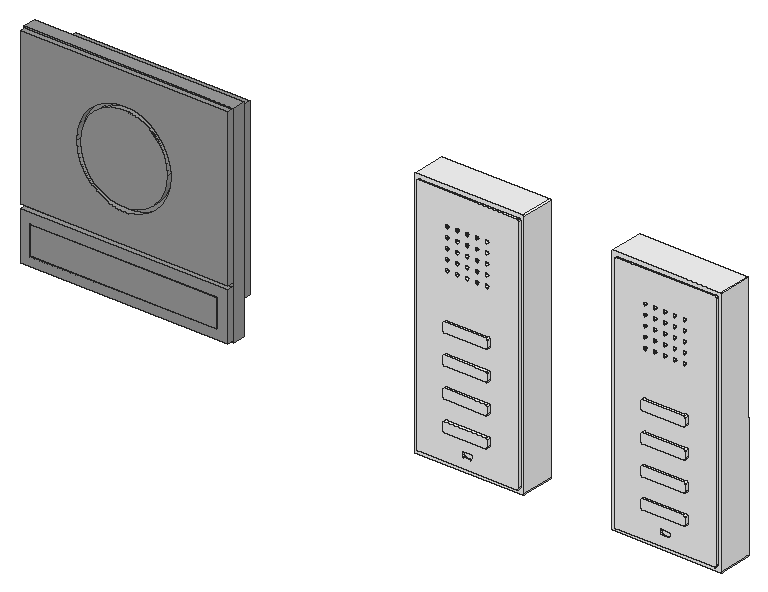
Revit family "Gira_049544", category Elektroinstallationen, Revit 2017
Family settings
  Basisbauteil = Wand
  Beschriftungsausrichtung beibehalten = Nein
  Bemaßung runder Anschluss = Durchmesser verwenden
  Teiletyp = Normal
  OmniClass-Nummer = 23.80.00.00
  OmniClass-Titel = Electric Power and Lighting
  Immer vertikal = Ja
  Beim Laden mit Abzugskörper schneiden = Nein
  Gemeinsam genutzt = Nein
  Raumberechnungspunkt = Nein
Parameters
  With video = no
  With info label = yes
  URL = "https://www.gira.de/"
  Typname = "TFH pkg audio Door communication c.alum."
  Productwebsite = "http://katalog.gira.de/en/datenblatt.html?artikelnr=049544"
  Number of outdoor stations = 1
  Number of indoor stations = 2
  Installation technique = "Bus system"
  Hersteller = "Gira"
  HAN = "049544"
  GTIN = "4010337495444"
  Data sheet = "https://katalog.gira.de/en/download.html?artikelnr=049544"
  Colour outdoor station = "Other"
  Colour indoor station = "White"
  Beschreibung = "TFH pack.audio Door CAl,Two-family house audio package,,,"
  BIM = "https://media.stage.bim.site/public/gira/ad86d9f/ZFH-Paket%20Audio.rfa?public/gira/ad86d9f/ZFH-Paket Audio.rfa"
Reference planes
  plane 1: y = 0
  plane 2 "Mitte (Links/Rechts)": x = 125
  plane 3 "Hinten": y = 75
Text (mm)
  text "Platzierungsseite" at (-1867.185, 1116.779, 0), in view "Referenzebene"
  text "Platzierungsseite" at (0, 1270.507, 3001.832), in view "Links"
  text "Platzierungsseite" at (0, 530.812, 2999.686), in view "Rechts"
Dimensions and locks
  locked: plane 3 "Hinten" to host wall
  aligned and locked: plane 1 to host wall
Nested families
  nested 1: "Türstation AP 3f" at (25, -75, 1219.2) x (1, 0, 0) z (0, -1, 0), type "Türstation AP 3f"
    with Edelstahl Edelstahl
  nested 2: "Wohnungsstation" at (205, -75, 1219.2) x (1, 0, 0) z (0, -1, 0), type "Wohnungsstation"
  nested 3: "Wohnungsstation" at (305, -75, 1219.2) x (1, 0, 0) z (0, -1, 0), type "Wohnungsstation"
Definition of nested family "Türstation AP 3f"
  Parameters
    Model = "5531920"
    Edelstahl [instance] = none
    Default Elevation = 1219.2 mm
  Reference planes
    plane 1 "Center (Front/Back)": y = 0
    plane 2 "Reference Level 0": z = 0
    plane 3 "Center (Left/Right)": x = 0
  Forms (mm)
    Extrusion 1, solid
      sketch origin (0, 0, 0) x (1, 0, 0) y (0, 1, 0)
        loop
          line (-1219.2, 1219.2) -> (-1219.2, -1219.2) -> (1219.2, -1219.2) -> (1219.2, 1219.2) -> (-1219.2, 1219.2)
      from 0 to -304.8
    Extrusion 2, solid, material <- "Edelstahl", detail levels coarse
      sketch origin (0, 0, 0) x (1, 0, 0) y (0, 1, 0)
        loop
          line (-53, 53) -> (-53, -53) -> (53, -53) -> (53, 53) -> (-53, 53)
      from -14.7 to 9.5
    Extrusion 3, solid, material <- "Edelstahl", detail levels fine
      sketch origin (0, 0, 0) x (1, 0, 0) y (0, 1, 0)
        loop
          line (52.5, -28) -> (-52.5, -28) -> (-52.5, -52.5) -> (52.5, -52.5) -> (52.5, -28)
        loop
          line (-47.5, -48) -> (47.5, -48) -> (47.5, -33) -> (-47.5, -33) -> (-47.5, -48)
      from 6.5 to 9.5
    Extrusion 4, solid, material <- "Edelstahl", detail levels fine
      sketch origin (0, 0, 0) x (1, 0, 0) y (0, 1, 0)
        loop
          line (-52.5, 52.5) -> (-52.5, -26) -> (52.5, -26) -> (52.5, 52.5) -> (-52.5, 52.5)
        loop
          circle (0, 13) r 24
      from 6.5 to 9.5
    Extrusion 5, solid, material <- "Edelstahl", detail levels medium+fine
      sketch origin (0, 0, 0) x (1, 0, 0) y (0, 1, 0)
        loop
          line (-53, 53) -> (-53, -53) -> (53, -53) -> (53, 53) -> (-53, 53)
      from 0 to 6.5
    Extrusion 6, solid, material <- "Edelstahl", detail levels fine
      sketch origin (0, 0, 0) x (1, 0, 0) y (0, 1, 0)
        loop
          line (-44, 44) -> (-44, -44) -> (44, -44) -> (44, 44) -> (-44, 44)
      from -14.7 to 0
    Extrusion 7, solid, material <- "Edelstahl", detail levels fine
      sketch origin (0, 0, 0) x (1, 0, 0) y (0, 1, 0)
        loop
          circle (0, 13) r 22
      from 6.5 to 9.5
    Extrusion 8, solid, material <- "Edelstahl", detail levels fine
      sketch origin (0, 0, 0) x (1, 0, 0) y (0, 1, 0)
        loop
          line (-47, -33.5) -> (-47, -47.5) -> (47, -47.5) -> (47, -33.5) -> (-47, -33.5)
      from 6.5 to 9.5
    Extrusion 9, solid, material <- "Edelstahl", detail levels medium
      sketch origin (0, 0, 0) x (1, 0, 0) y (0, 1, 0)
        loop
          line (-52.5, 52.5) -> (-52.5, -26) -> (52.5, -26) -> (52.5, 52.5) -> (-52.5, 52.5)
        loop
          line (-52.5, -28) -> (-52.5, -52.5) -> (52.5, -52.5) -> (52.5, -28) -> (-52.5, -28)
      from 6.5 to 9.5
    Extrusion 10, solid, material <- "Edelstahl", detail levels medium
      sketch origin (0, 0, 0) x (1, 0, 0) y (0, 1, 0)
        loop
          circle (0, 13) r 24
        loop
          line (-47.5, -33) -> (-47.5, -48) -> (47.5, -48) -> (47.5, -33) -> (-47.5, -33)
      from 6.5 to 9.5
  Dimensions and locks
    aligned and locked: plane 2 "Reference Level 0" to Extrusion 1
    aligned and locked: level to Extrusion 1
    aligned and locked: Extrusion 5 to Extrusion 1
    aligned and locked: Extrusion 5 to level
    aligned and locked: level to Extrusion 6
    aligned and locked: level to Extrusion 5
    aligned and locked: Extrusion 5 to plane 2 "Reference Level 0"
    aligned and locked: plane 2 "Reference Level 0" to Extrusion 6
    aligned and locked: plane 3 "Center (Left/Right)" to nested 1
  Nested families
    nested 1: "1040099" at (-20.545, -53, 0), type "1040099"
  Connectors
    electrical at (0, 0, -14.7)
      settings: on Extrusion 6, index 1, voltage 220 V, apparent load 0 VA, apparent load phase1 0 VA, apparent load phase2 0 VA, apparent load phase3 0 VA, power factor 1, load classification none, number of poles 1, system type 31, power factor state 1, is connector primary yes, connector utility no, sub classification motor no, connector description ""
  Definition of nested family "1040099"
    Reference planes
      plane 1: y = 0
      plane 2: x = 0
Definition of nested family "Wohnungsstation"
  Parameters
    Default Elevation = 1219.2 mm
  Reference planes
    plane 1 "Center (Front/Back)": y = 0
    plane 2: z = 0
    plane 3 "Center (Left/Right)": x = 0
  Forms (mm)
    Extrusion 1, solid
      sketch origin (0, 0, 0) x (1, 0, 0) y (0, 1, 0)
        loop
          line (-1219.2, 1219.2) -> (-1219.2, -1219.2) -> (1219.2, -1219.2) -> (1219.2, 1219.2) -> (-1219.2, 1219.2)
      from 0 to -304.8
    Extrusion 2, solid, detail levels fine
      sketch origin (0, 0, 0) x (1, 0, 0) y (0, 1, 0)
        loop
          spline (-27.285, 63.381) -> (-27.351, 63.377) -> (-27.415, 63.364) -> (-27.476, 63.343) -> (-27.535, 63.314) -> (-27.589, 63.278) -> (-27.638, 63.235) -> (-27.682, 63.186) -> (-27.718, 63.131) -> (-27.747, 63.073) -> (-27.768, 63.011) -> (-27.78, 62.947) -> (-27.785, 62.882)
          line (-27.785, 62.882) -> (-27.785, -62.882)
          spline (-27.785, -62.882) -> (-27.781, -62.94) -> (-27.771, -62.997) -> (-27.754, -63.053) -> (-27.731, -63.107) -> (-27.702, -63.157) -> (-27.667, -63.204) -> (-27.627, -63.246) -> (-27.582, -63.283) -> (-27.534, -63.315) -> (-27.482, -63.341) -> (-27.427, -63.361) -> (-27.37, -63.374)
          line (-27.37, -63.374) -> (27.193, -63.374)
          spline (27.193, -63.374) -> (27.265, -63.381) -> (27.338, -63.377) -> (27.409, -63.364) -> (27.477, -63.34) -> (27.541, -63.306) -> (27.6, -63.264) -> (27.652, -63.213) -> (27.696, -63.156) -> (27.731, -63.092) -> (27.757, -63.025) -> (27.772, -62.954) -> (27.777, -62.882)
          line (27.777, -62.882) -> (27.777, 62.882)
          spline (27.777, 62.882) -> (27.773, 62.947) -> (27.76, 63.011) -> (27.739, 63.073) -> (27.711, 63.131) -> (27.674, 63.186) -> (27.631, 63.235) -> (27.582, 63.278) -> (27.528, 63.314) -> (27.469, 63.343) -> (27.407, 63.364) -> (27.343, 63.377) -> (27.278, 63.381)
          line (27.278, 63.381) -> (-27.285, 63.381)
      from 0 to 16.5
    Extrusion 3, solid, detail levels fine
      sketch origin (0, 0, 0) x (1, 0, 0) y (0, 1, 0)
        loop
          arc (-24.804, 61.4) -> (-25.511, 61.107) -> (-25.804, 60.4) r 1
          line (-25.804, 60.4) -> (-25.804, -60.4)
          arc (-25.804, -60.4) -> (-25.511, -61.107) -> (-24.804, -61.4) r 1
          line (-24.804, -61.4) -> (24.796, -61.4)
          arc (24.796, -61.4) -> (25.503, -61.107) -> (25.796, -60.4) r 1
          line (25.796, -60.4) -> (25.796, 60.4)
          arc (25.796, 60.4) -> (25.503, 61.107) -> (24.796, 61.4) r 1
          line (24.796, 61.4) -> (-24.804, 61.4)
        loop
          circle (-10.004, 45.55) r 0.94
        loop
          circle (-5.004, 45.55) r 0.94
        loop
          circle (-0.004, 45.55) r 0.94
        loop
          circle (4.996, 45.55) r 0.94
        loop
          circle (9.996, 45.55) r 0.94
        loop
          circle (-10.004, 40.55) r 0.94
        loop
          circle (-5.004, 40.55) r 0.94
        loop
          circle (-0.004, 40.55) r 0.94
        loop
          circle (4.996, 40.55) r 0.94
        loop
          circle (9.996, 40.55) r 0.94
        loop
          circle (9.996, 35.55) r 0.94
        loop
          circle (4.996, 35.55) r 0.94
        loop
          circle (-0.004, 35.55) r 0.94
        loop
          circle (-5.004, 35.55) r 0.94
        loop
          circle (-10.004, 35.55) r 0.94
        loop
          circle (-10.004, 30.55) r 0.94
        loop
          circle (-5.004, 30.55) r 0.94
        loop
          circle (-0.004, 30.55) r 0.94
        loop
          circle (4.996, 30.55) r 0.94
        loop
          circle (9.996, 30.55) r 0.94
        loop
          circle (9.996, 25.55) r 0.94
        loop
          circle (4.996, 25.55) r 0.94
        loop
          circle (-0.004, 25.55) r 0.94
        loop
          circle (-5.004, 25.55) r 0.94
        loop
          circle (-10.004, 25.55) r 0.94
        loop
          line (2.57, -55.275) -> (2.57, -54.377)
          spline (2.57, -54.377) -> (2.562, -54.246) -> (2.536, -54.118) -> (2.494, -53.994) -> (2.437, -53.877) -> (2.364, -53.769) -> (2.278, -53.67) -> (2.18, -53.584) -> (2.071, -53.512) -> (1.954, -53.454) -> (1.83, -53.412) -> (1.702, -53.387) -> (1.572, -53.378)
          line (1.572, -53.378) -> (-1.579, -53.378)
          spline (-1.579, -53.378) -> (-1.709, -53.387) -> (-1.838, -53.412) -> (-1.961, -53.454) -> (-2.079, -53.512) -> (-2.187, -53.584) -> (-2.285, -53.67) -> (-2.371, -53.769) -> (-2.444, -53.877) -> (-2.502, -53.994) -> (-2.544, -54.118) -> (-2.569, -54.246) -> (-2.578, -54.377)
          line (-2.578, -54.377) -> (-2.578, -55.275)
          spline (-2.578, -55.275) -> (-2.569, -55.406) -> (-2.544, -55.534) -> (-2.502, -55.658) -> (-2.444, -55.775) -> (-2.371, -55.884) -> (-2.285, -55.982) -> (-2.187, -56.068) -> (-2.079, -56.14) -> (-1.961, -56.198) -> (-1.838, -56.24) -> (-1.709, -56.266) -> (-1.579, -56.274)
          line (-1.579, -56.274) -> (1.572, -56.274)
          spline (1.572, -56.274) -> (1.702, -56.266) -> (1.83, -56.24) -> (1.954, -56.198) -> (2.071, -56.14) -> (2.18, -56.068) -> (2.278, -55.982) -> (2.364, -55.884) -> (2.437, -55.775) -> (2.494, -55.658) -> (2.536, -55.534) -> (2.562, -55.406) -> (2.57, -55.275)
      from 16.5 to 17.5
    Extrusion 4, solid, detail levels medium+fine
      sketch origin (0, 0, 0) x (1, 0, 0) y (0, 1, 0)
        loop
          line (24.269, -59.873) -> (24.269, 59.873) -> (-24.276, 59.873) -> (-24.276, -59.873) -> (24.269, -59.873)
      from 0 to -2.8
    Extrusion 5, solid, detail levels medium+fine
      sketch origin (0, 0, 0) x (1, 0, 0) y (0, 1, 0)
        loop
          line (-11.239, -43.032) -> (-11.239, -46.368)
          arc (-11.239, -46.368) -> (-10.961, -46.907) -> (-10.421, -47.186) r 1
          line (-10.421, -47.186) -> (10.414, -47.186)
          arc (10.414, -47.186) -> (10.953, -46.907) -> (11.232, -46.368) r 1
          line (11.232, -46.368) -> (11.232, -43.032)
          arc (11.232, -43.032) -> (10.953, -42.493) -> (10.414, -42.214) r 1
          line (10.414, -42.214) -> (-10.421, -42.214)
          arc (-10.421, -42.214) -> (-10.961, -42.493) -> (-11.239, -43.032) r 1
        loop
          line (-11.239, -28.032) -> (-11.239, -31.368)
          arc (-11.239, -31.368) -> (-10.961, -31.907) -> (-10.421, -32.186) r 1
          line (-10.421, -32.186) -> (10.414, -32.186)
          arc (10.414, -32.186) -> (10.953, -31.907) -> (11.232, -31.368) r 1
          line (11.232, -31.368) -> (11.232, -28.032)
          arc (11.232, -28.032) -> (10.953, -27.493) -> (10.414, -27.214) r 1
          line (10.414, -27.214) -> (-10.421, -27.214)
          arc (-10.421, -27.214) -> (-10.961, -27.493) -> (-11.239, -28.032) r 1
        loop
          line (-11.239, -13.032) -> (-11.239, -16.368)
          arc (-11.239, -16.368) -> (-10.961, -16.907) -> (-10.421, -17.186) r 1
          line (-10.421, -17.186) -> (10.414, -17.186)
          arc (10.414, -17.186) -> (10.953, -16.907) -> (11.232, -16.368) r 1
          line (11.232, -16.368) -> (11.232, -13.032)
          arc (11.232, -13.032) -> (10.953, -12.493) -> (10.414, -12.214) r 1
          line (10.414, -12.214) -> (-10.421, -12.214)
          arc (-10.421, -12.214) -> (-10.961, -12.493) -> (-11.239, -13.032) r 1
        loop
          line (-11.239, 1.968) -> (-11.239, -1.368)
          arc (-11.239, -1.368) -> (-10.961, -1.907) -> (-10.421, -2.186) r 1
          line (-10.421, -2.186) -> (10.414, -2.186)
          arc (10.414, -2.186) -> (10.949, -1.912) -> (11.23, -1.382) r 1
          line (11.23, -1.382) -> (11.202, 2.095)
          arc (11.202, 2.095) -> (10.906, 2.552) -> (10.414, 2.786) r 1
          line (10.414, 2.786) -> (-10.421, 2.786)
          arc (-10.421, 2.786) -> (-10.961, 2.507) -> (-11.239, 1.968) r 1
      from 17.5 to 19
    Extrusion 6, solid, detail levels medium
      sketch origin (0, 0, 0) x (1, 0, 0) y (0, 1, 0)
        loop
          line (-27.785, 63.381) -> (-27.785, -63.374) -> (27.777, -63.374) -> (27.777, 63.381) -> (-27.785, 63.381)
      from 0 to 17.5
    Extrusion 7, solid, detail levels coarse
      sketch origin (0, 0, 0) x (1, 0, 0) y (0, 1, 0)
        loop
          line (-27.785, 63.381) -> (-27.785, -63.374) -> (27.777, -63.374) -> (27.777, 63.381) -> (-27.785, 63.381)
      from -2.8 to 19
  Dimensions and locks
    aligned and locked: plane 2 to Extrusion 1
    aligned and locked: level to Extrusion 1
